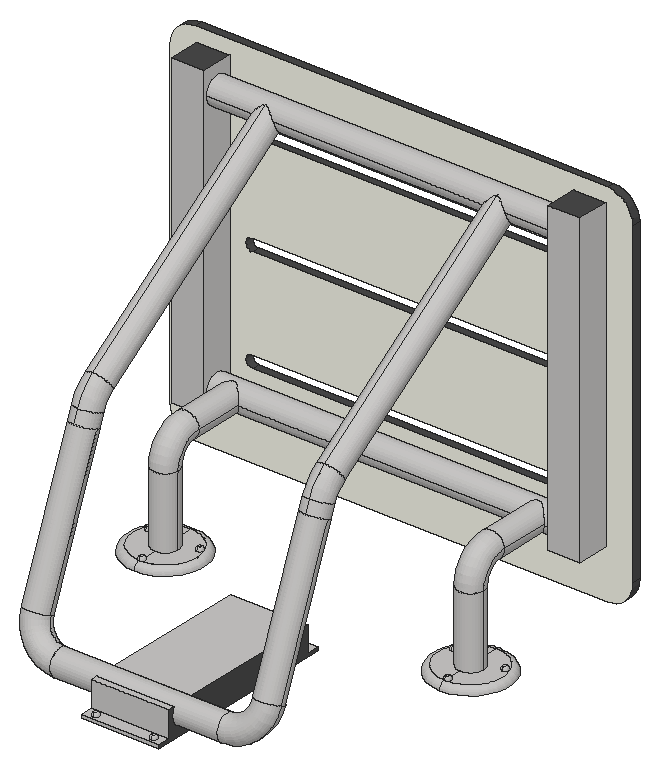
Revit family "Folding_Shower_Dressing_Area_Seat-Bobrick-B-5191", category Specialty Equipment, host Face, Revit 2019
Family settings
  Host = Face
  Round Connector Dimension = Use Diameter
  Part Type = Normal
  OmniClass Number = 23.45.05.14.11.17
  OmniClass Title = Shower/Bath Seats
  Cut with Voids When Loaded = No
  Shared = Yes
  Room Calculation Point = No
Parameters (values of type "B-5191")
  Width = 18"
  Warranty Documentation Link = "https://www.bobrick.com/wp-content/uploads/product_warranties-6.pdf"
  URL = "http://www.bobrick.com/"
  Type Comments = "To avoid potential seat malfunction, DO NOT use seat if weight exceeds 500 lbs (227 kg)"
  Support Load = "500 lbs., (227 kg)"  # constant formula
  Spring Material = Metal-Bobrick-Stainless Steel
  Seat Length = 14 7/16"
  Revised Date = "09/26/2022"  # constant formula
  Product Page URL = "https://www.bobrick.com/products/washroom-accessories/washroom-accessories-catalog/product/b-5191/"
  Product Documentation Link = "https://www.bobrick.com/wp-content/uploads/B-5191_td.pdf"
  Price = "Prices may vary. Please consult Manufacturer Representative for most up-to-date price list."  # constant formula
  Mounting Height Constraint = if(ADA, if(Mounting Height < 17", 17", if(Mounting Height > 19", 19", Mounting Height)), Mounting Height)  # 19"
  Mounting Height = 19"
  Mounting Flanges Material = Stainless Steel-Bobrick-Satin
  Model = "B-5191"
  Seat Material = Fused Plastic-Bobrick-Ivory Matte
  Material = "Fused Plastic-Bobrick-Ivory Matte"
  Manufacturer = "Bobrick"
  Length = 15 13/16"
  Installation Type = "Wall Mounted"
  Height = 13 3/4"
  Guide Bracket Material = Stainless Steel-Bobrick-Satin
  Frame Material = Stainless Steel-Bobrick-Satin
  Description = "Folding Shower Seat"
  Default Elevation = 0"
  Creation Date = "05/08/20"  # constant formula
  Baseplate Material = Metal-Bobrick-Stainless Steel
  Assembly Code = "C1030200"
  ADA Compliant = if(ADA, 1 > 0, 1 < 0)  # yes
  ADA = yes
Reference planes (in)
  plane 1 "Center (Front/Back)": y = 0
  plane 2: z = 0
  plane 3 "Center (Left/Right)": x = 0
  plane 4: z = 15.8125
  plane 5: x = -6.5625
  plane 6: x = 6.5625
  plane 7: x = 5.9375
  plane 8: x = -5.9375
  plane 9: y = -4.375
  plane 10: y = -13.75
  plane 11: y = -6.5
  plane 12: x = 1.125
  plane 13: x = -1.125
  plane 14: z = 1.375
  plane 15: y = -19
  plane 16: x = 9
  plane 17: y = -0.94013
  plane 18: x = -9
Forms (in)
  Extrusion 1, solid, material "Fused Plastic-Bobrick-Ivory Matte" <- "Seat Material"
    sketch origin (0, 0, 0) x (1, 0, 0) y (0, 0, 1)
      loop
        line (8, 15.8125) -> (-8, 15.8125)
        arc (-8, 15.8125) -> (-8.70711, 15.51961) -> (-9, 14.8125) r 1
        line (-9, 14.8125) -> (-9, 2.375)
        arc (-9, 2.375) -> (-8.70711, 1.66789) -> (-8, 1.375) r 1
        line (-8, 1.375) -> (8, 1.375)
        arc (8, 1.375) -> (8.70711, 1.66789) -> (9, 2.375) r 1
        line (9, 2.375) -> (9, 14.8125)
        arc (9, 14.8125) -> (8.70711, 15.51961) -> (8, 15.8125) r 1
      loop
        line (5.79542, 13.20791) -> (-5.79542, 13.20791)
        arc (-5.79542, 13.20791) -> (-6.04542, 12.95791) -> (-5.79542, 12.70791) r 0.25
        line (-5.79542, 12.70791) -> (5.79542, 12.70791)
        arc (5.79542, 12.70791) -> (6.04542, 12.95791) -> (5.79542, 13.20791) r 0.25
      loop
        line (5.79542, 9.20791) -> (-5.79542, 9.20791)
        arc (-5.79542, 9.20791) -> (-6.04542, 8.95791) -> (-5.79542, 8.70791) r 0.25
        line (-5.79542, 8.70791) -> (5.79542, 8.70791)
        arc (5.79542, 8.70791) -> (6.04542, 8.95791) -> (5.79542, 9.20791) r 0.25
      loop
        line (5.79542, 5.14541) -> (-5.79542, 5.14541)
        arc (-5.79542, 5.14541) -> (-6.04542, 4.89541) -> (-5.79542, 4.64541) r 0.25
        line (-5.79542, 4.64541) -> (5.79542, 4.64541)
        arc (5.79542, 4.64541) -> (6.04542, 4.89541) -> (5.79542, 5.14541) r 0.25
    from 0 to 0.3125
  Extrusion 2, solid, material "Stainless Steel-Bobrick-Satin" <- "Guide Bracket Material"
    sketch origin (0, 0.1875, 0.75) x (1, 0, 0) y (0, 1, 0)
      loop
        line (-6.6875, -0.5) -> (-7.9375, -0.5) -> (-7.9375, -1.75) -> (-6.6875, -1.75) -> (-6.6875, -0.5)
      loop
        line (6.6875, -0.5) -> (6.6875, -1.75) -> (7.9375, -1.75) -> (7.9375, -0.5) -> (6.6875, -0.5)
    from 2.51548 to 14.51548
  Revolve 3, solid, material "Stainless Steel-Bobrick-Satin" <- "Guide Bracket Material"
    sketch origin (-5.9375, 0, 0) x (0, 1, 0) y (0, 0, 1)
      loop
        line (-4.375, 0) -> (-2.875, 0)
        arc (-2.875, 0) -> (-2.94822, 0.17678) -> (-3.125, 0.25) r 0.25
        line (-3.125, 0.25) -> (-4.375, 0.25) -> (-4.375, 0)
      axis (-4.375, 0.25) -> (-4.375, 0)
    angle from 0 to 360
  Revolve 4, solid, material "Stainless Steel-Bobrick-Satin" <- "Guide Bracket Material"
    sketch origin (5.9375, 0, 0) x (0, 1, 0) y (0, 0, -1)
      loop
        line (-4.375, 0) -> (-4.375, -0.25) -> (-3.125, -0.25)
        arc (-3.125, -0.25) -> (-2.94822, -0.17678) -> (-2.875, 0) r 0.25
        line (-2.875, 0) -> (-4.375, 0)
      axis (-4.375, -0.25) -> (-4.375, 0)
    angle from 0 to 360
  Sweep 5, solid, material "Stainless Steel-Bobrick-Satin" <- "Guide Bracket Material"
    path origin (5.9375, 0, 0) x (0, 1, 0) y (0, 0, 1)
      loop
        line (-4.375, 0) -> (-4.375, 3)
        arc (-4.375, 3) -> (-4.08211, 3.70711) -> (-3.375, 4) r 1
        line (-3.375, 4) -> (-0.94013, 4)
    profile origin (5.9375, -4.375, 1.5) x (0, -1, 0) y (1, 0, 0)
      loop
        circle (0, 0) r 0.5
  Extrusion 6, solid, material "Stainless Steel-Bobrick-Satin" <- "Guide Bracket Material"
    sketch origin (0, 0.3125, 0) x (0, 1, 0) y (0, 0, 1)
      loop
        circle (-1.25263, 3.99038) r 0.5172
    from -7.9375 to 7.75
  Sweep 7, solid, material "Stainless Steel-Bobrick-Satin" <- "Guide Bracket Material"
    path origin (-5.9375, 0, 0) x (0, 1, 0) y (0, 0, -1)
      loop
        line (-4.375, 0) -> (-4.375, -3)
        arc (-4.375, -3) -> (-4.08211, -3.70711) -> (-3.375, -4) r 1
        line (-3.375, -4) -> (-0.94013, -4)
    profile origin (-5.9375, -4.375, 1.5) x (0, 1, 0) y (-1, 0, 0)
      loop
        circle (0, 0) r 0.5
  Sweep 8, solid, material "Stainless Steel-Bobrick-Satin" <- "Guide Bracket Material"
    path origin (0, 0.25, 0.1875) x (0, 1, 0) y (0, 0, 1)
      loop
        line (-1.19013, 14.16704) -> (-9.64596, 8.46351)
        arc (-9.64596, 8.46351) -> (-9.97289, 8.16393) -> (-10.19794, 7.78186) r 1.5
        line (-10.19794, 7.78186) -> (-10.39032, 7.3057)
    profile origin (0, -10.04413, 7.73128) x (0, 0.927184, -0.374607) y (1, 0, 0)
      loop
        circle (0, -4.5) r 0.5
  Extrusion 9, solid, material "Stainless Steel-Bobrick-Satin" <- "Guide Bracket Material"
    sketch origin (0, 0.3125, 18.32783) x (0, 1, 0) y (0, 0, 1)
      loop
        circle (-1.25263, -3.99038) r 0.5172
    from -7.9375 to 7.75
  Sweep 10, solid, material "Stainless Steel-Bobrick-Satin" <- "Guide Bracket Material"
    path origin (0, -6.39004, 16.77548) x (1, 0, 0) y (0, 0.374607, 0.927184)
      loop
        line (-4.5, -9.69876) -> (-4.5, -15.94876)
        arc (-4.5, -15.94876) -> (-4.13388, -16.83264) -> (-3.25, -17.19876) r 1.25
        line (-3.25, -17.19876) -> (3.25, -17.19876)
        arc (3.25, -17.19876) -> (4.13388, -16.83264) -> (4.5, -15.94876) r 1.25
        line (4.5, -15.94876) -> (4.5, -9.98356)
    profile origin (-4.5, -11.19391, 4.8855) x (1, 0, 0) y (0, -0.927184, 0.374607)
      loop
        circle (0, 0) r 0.5
  Extrusion 11, solid, material "Stainless Steel-Bobrick-Satin" <- "Guide Bracket Material"
    sketch origin (-1.5, 0.19528, 0) x (0, 1, 0) y (0, 0, 1)
      loop
        line (-6.44528, 0) -> (-6.44528, 0.125) -> (-6.94528, 0.125) -> (-6.94528, 1.125) -> (-13.69528, 1.125) -> (-13.69528, 0.125) -> (-14.19528, 0.125) -> (-14.19528, 0) -> (-6.44528, 0)
    from 0 to 3
  Sweep 12, solid, material "Stainless Steel-Bobrick-Satin" <- "Guide Bracket Material"
    path origin (0, 0.25, 0.1875) x (0, 1, 0) y (0, 0, -1)
      loop
        line (-1.19013, -14.16704) -> (-9.64596, -8.46351)
        arc (-9.64596, -8.46351) -> (-9.97289, -8.16393) -> (-10.19794, -7.78186) r 1.5
        line (-10.19794, -7.78186) -> (-10.39032, -7.3057)
    profile origin (0, -10.04413, 7.73128) x (0, -0.927184, 0.374607) y (-1, 0, 0)
      loop
        circle (0, -4.5) r 0.5
  Revolve 13, solid, material "Stainless Steel-Bobrick-Satin" <- "Guide Bracket Material"
    sketch origin (-1.125, 0, 0) x (0, 1, 0) y (0, 0, 1)
      loop
        line (-6.5, 0.125) -> (-6.375, 0.125)
        arc (-6.375, 0.125) -> (-6.38969, 0.18379) -> (-6.4303, 0.22876) r 0.125
        line (-6.4303, 0.22876) -> (-6.46682, 0.17439) -> (-6.5, 0.17439) -> (-6.5, 0.125)
      axis (-6.5, 0.22876) -> (-6.5, 0.125)
    angle from 0 to 360
  Revolve 14, solid, material "Stainless Steel-Bobrick-Satin" <- "Guide Bracket Material"
    sketch origin (1.125, 0, 0) x (0, 1, 0) y (0, 0, -1)
      loop
        line (-6.5, -0.125) -> (-6.5, -0.17439) -> (-6.46682, -0.17439) -> (-6.4303, -0.22876)
        arc (-6.4303, -0.22876) -> (-6.38969, -0.18379) -> (-6.375, -0.125) r 0.125
        line (-6.375, -0.125) -> (-6.5, -0.125)
      axis (-6.5, -0.22876) -> (-6.5, -0.125)
    angle from 0 to 360
  Revolve 15, solid, material "Stainless Steel-Bobrick-Satin" <- "Guide Bracket Material"
    sketch origin (-1.125, -20.25, 0) x (0, -1, 0) y (0, 0, -1)
      loop
        line (-6.5, -0.125) -> (-6.5, -0.17439) -> (-6.46682, -0.17439) -> (-6.4303, -0.22876)
        arc (-6.4303, -0.22876) -> (-6.38969, -0.18379) -> (-6.375, -0.125) r 0.125
        line (-6.375, -0.125) -> (-6.5, -0.125)
      axis (-6.5, -0.22876) -> (-6.5, -0.125)
    angle from 0 to 360
  Revolve 16, solid, material "Stainless Steel-Bobrick-Satin" <- "Guide Bracket Material"
    sketch origin (1.125, -20.25, 0) x (0, -1, 0) y (0, 0, 1)
      loop
        line (-6.5, 0.125) -> (-6.375, 0.125)
        arc (-6.375, 0.125) -> (-6.38969, 0.18379) -> (-6.4303, 0.22876) r 0.125
        line (-6.4303, 0.22876) -> (-6.46682, 0.17439) -> (-6.5, 0.17439) -> (-6.5, 0.125)
      axis (-6.5, 0.22876) -> (-6.5, 0.125)
    angle from 0 to 360
  Revolve 17, solid, material "Stainless Steel-Bobrick-Satin" <- "Guide Bracket Material"
    sketch origin (-5.9375, 1, 0.125) x (0, 1, 0) y (0, 0, 1)
      loop
        line (-6.5, 0.125) -> (-6.375, 0.125)
        arc (-6.375, 0.125) -> (-6.38969, 0.18379) -> (-6.4303, 0.22876) r 0.125
        line (-6.4303, 0.22876) -> (-6.46682, 0.17439) -> (-6.5, 0.17439) -> (-6.5, 0.125)
      axis (-6.5, 0.22876) -> (-6.5, 0.125)
    angle from 0 to 360
  Revolve 18, solid, material "Stainless Steel-Bobrick-Satin" <- "Guide Bracket Material"
    sketch origin (-6.93557, 2.55928, 0.125) x (0, 1, 0) y (0, 0, 1)
      loop
        line (-6.5, 0.125) -> (-6.375, 0.125)
        arc (-6.375, 0.125) -> (-6.38969, 0.18379) -> (-6.4303, 0.22876) r 0.125
        line (-6.4303, 0.22876) -> (-6.46682, 0.17439) -> (-6.5, 0.17439) -> (-6.5, 0.125)
      axis (-6.5, 0.22876) -> (-6.5, 0.125)
    angle from 0 to 360
  Revolve 19, solid, material "Stainless Steel-Bobrick-Satin" <- "Guide Bracket Material"
    sketch origin (-4.93943, 2.55928, 0.125) x (0, 1, 0) y (0, 0, -1)
      loop
        line (-6.5, -0.125) -> (-6.5, -0.17439) -> (-6.46682, -0.17439) -> (-6.4303, -0.22876)
        arc (-6.4303, -0.22876) -> (-6.38969, -0.18379) -> (-6.375, -0.125) r 0.125
        line (-6.375, -0.125) -> (-6.5, -0.125)
      axis (-6.5, -0.22876) -> (-6.5, -0.125)
    angle from 0 to 360
  Revolve 20, solid, material "Stainless Steel-Bobrick-Satin" <- "Guide Bracket Material"
    sketch origin (5.9375, 1, 0.125) x (0, 1, 0) y (0, 0, -1)
      loop
        line (-6.5, -0.125) -> (-6.5, -0.17439) -> (-6.46682, -0.17439) -> (-6.4303, -0.22876)
        arc (-6.4303, -0.22876) -> (-6.38969, -0.18379) -> (-6.375, -0.125) r 0.125
        line (-6.375, -0.125) -> (-6.5, -0.125)
      axis (-6.5, -0.22876) -> (-6.5, -0.125)
    angle from 0 to 360
  Revolve 21, solid, material "Stainless Steel-Bobrick-Satin" <- "Guide Bracket Material"
    sketch origin (6.93557, 2.55928, 0.125) x (0, 1, 0) y (0, 0, -1)
      loop
        line (-6.5, -0.125) -> (-6.5, -0.17439) -> (-6.46682, -0.17439) -> (-6.4303, -0.22876)
        arc (-6.4303, -0.22876) -> (-6.38969, -0.18379) -> (-6.375, -0.125) r 0.125
        line (-6.375, -0.125) -> (-6.5, -0.125)
      axis (-6.5, -0.22876) -> (-6.5, -0.125)
    angle from 0 to 360
  Revolve 22, solid, material "Stainless Steel-Bobrick-Satin" <- "Guide Bracket Material"
    sketch origin (4.93943, 2.55928, 0.125) x (0, 1, 0) y (0, 0, 1)
      loop
        line (-6.5, 0.125) -> (-6.375, 0.125)
        arc (-6.375, 0.125) -> (-6.38969, 0.18379) -> (-6.4303, 0.22876) r 0.125
        line (-6.4303, 0.22876) -> (-6.46682, 0.17439) -> (-6.5, 0.17439) -> (-6.5, 0.125)
      axis (-6.5, 0.22876) -> (-6.5, 0.125)
    angle from 0 to 360
  Revolve 23, solid, material "Fused Plastic-Bobrick-Ivory Matte" <- "Seat Material"
    sketch origin (1.87443, 0, 5.375) x (-1, 0, 0) y (0, -1, 0)
      loop
        line (9.1875, 0) -> (8.9375, 0)
        arc (8.9375, 0) -> (8.98695, -0.05216) -> (9.04701, -0.09164) r 0.3125
        line (9.04701, -0.09164) -> (9.11975, -0.03481) -> (9.1875, -0.03481) -> (9.1875, 0)
      axis (9.1875, -0.09164) -> (9.1875, 0)
    angle from 0 to 360
  Revolve 24, solid, material "Fused Plastic-Bobrick-Ivory Matte" <- "Seat Material"
    sketch origin (1.87443, 0, 13.15595) x (0, 1, 0) y (-1, 0, 0)
      loop
        line (0, 9.1875) -> (0, 8.9375)
        arc (0, 8.9375) -> (0.05216, 8.98695) -> (0.09164, 9.04701) r 0.3125
        line (0.09164, 9.04701) -> (0.03481, 9.11975) -> (0.03481, 9.1875) -> (0, 9.1875)
      axis (0.09164, 9.1875) -> (0, 9.1875)
    angle from 0 to 360
  Revolve 25, solid, material "Fused Plastic-Bobrick-Ivory Matte" <- "Seat Material"
    sketch origin (-1.87443, 0, 5.375) x (1, 0, 0) y (0, 1, 0)
      loop
        line (9.1875, 0) -> (9.1875, 0.03481) -> (9.11975, 0.03481) -> (9.04701, 0.09164)
        arc (9.04701, 0.09164) -> (8.98695, 0.05216) -> (8.9375, 0) r 0.3125
        line (8.9375, 0) -> (9.1875, 0)
      axis (9.1875, 0.09164) -> (9.1875, 0)
    angle from 0 to 360
  Revolve 26, solid, material "Fused Plastic-Bobrick-Ivory Matte" <- "Seat Material"
    sketch origin (-1.87443, 0, 13.15595) x (0, -1, 0) y (1, 0, 0)
      loop
        line (0, 9.1875) -> (-0.03481, 9.1875) -> (-0.03481, 9.11975) -> (-0.09164, 9.04701)
        arc (-0.09164, 9.04701) -> (-0.05216, 8.98695) -> (0, 8.9375) r 0.3125
        line (0, 8.9375) -> (0, 9.1875)
      axis (-0.09164, 9.1875) -> (0, 9.1875)
    angle from 0 to 360
Cuts and joins
  joined: Extrusion 2, Revolve 3, Revolve 4, Sweep 5, Extrusion 6, Sweep 7, Sweep 8, Extrusion 9, Sweep 10, Extrusion 11, Sweep 12, Revolve 13, Revolve 14, Revolve 15, Revolve 16, Revolve 17, Revolve 18, Revolve 19, Revolve 20, Revolve 21, Revolve 22
  joined: Extrusion 1, Revolve 23, Revolve 24
Lines and regions (in)
  Masking region 1
    outline origin (0, 0, 0) x (1, 0, 0) y (0, 0, 1)
      loop
        arc (-8, 15.8125) -> (-8.70711, 15.51961) -> (-9, 14.8125) r 1
        line (-9, 14.8125) -> (-9, 2.375)
        arc (-9, 2.375) -> (-8.70711, 1.66789) -> (-8, 1.375) r 1
        line (-8, 1.375) -> (-6.4375, 1.375) -> (-6.4375, 0.24964) -> (-6.8106, 0.24964)
        arc (-6.8106, 0.24964) -> (-6.93527, 0.37431) -> (-7.05995, 0.24964) r 0.12467
        line (-7.05995, 0.24964) -> (-7.18432, 0.24964)
        arc (-7.18432, 0.24964) -> (-7.36234, 0.17586) -> (-7.436, -0.00221) r 0.25168
        line (-7.436, -0.00221) -> (-4.43865, -0.00221)
        arc (-4.43865, -0.00221) -> (-4.51252, 0.17613) -> (-4.69086, 0.25) r 0.25221
        line (-4.69086, 0.25) -> (-4.81505, 0.25)
        arc (-4.81505, 0.25) -> (-4.93974, 0.37468) -> (-5.06442, 0.25) r 0.12468
        line (-5.06442, 0.25) -> (-5.4375, 0.25) -> (-5.4375, 1.375) -> (-4.87421, 1.375)
        arc (-4.87421, 1.375) -> (-4.22131, 0.60891) -> (-3.25589, 0.32405) r 1.76573
        line (-3.25589, 0.32405) -> (-1.5, 0.32405) -> (-1.5, 0) -> (1.5, 0) -> (1.5, 0.32371) -> (3.25819, 0.32371)
        arc (3.25819, 0.32371) -> (4.22181, 0.60973) -> (4.87334, 1.37516) r 1.76625
        line (4.87334, 1.37516) -> (5.4375, 1.37516) -> (5.4375, 0.24963) -> (5.0644, 0.24963)
        arc (5.0644, 0.24963) -> (4.93973, 0.37431) -> (4.81505, 0.24963) r 0.12467
        line (4.81505, 0.24963) -> (4.69072, 0.24963)
        arc (4.69072, 0.24963) -> (4.51267, 0.17588) -> (4.43892, -0.00217) r 0.2518
        line (4.43892, -0.00217) -> (7.43632, -0.00217)
        arc (7.43632, -0.00217) -> (7.36247, 0.17614) -> (7.18416, 0.25) r 0.25217
        line (7.18416, 0.25) -> (7.05995, 0.25)
        arc (7.05995, 0.25) -> (6.93527, 0.37468) -> (6.81058, 0.25) r 0.12468
        line (6.81058, 0.25) -> (6.4375, 0.25) -> (6.4375, 1.375) -> (8, 1.375)
        arc (8, 1.375) -> (8.70711, 1.66789) -> (9, 2.375) r 1
        line (9, 2.375) -> (9, 14.8125)
        arc (9, 14.8125) -> (8.70711, 15.51961) -> (8, 15.8125) r 1
        line (8, 15.8125) -> (-8, 15.8125)
      loop
        arc (-3.52338, 1.375) -> (-3.38237, 1.33925) -> (-3.23721, 1.32968) r 0.79846
        line (-3.23721, 1.32968) -> (3.23721, 1.32968)
        arc (3.23721, 1.32968) -> (3.38237, 1.33925) -> (3.52338, 1.375) r 0.79846
        line (3.52338, 1.375) -> (-3.52338, 1.375)
  symbolic lines, detail levels medium+fine
    curve 1: line (6.81058, 0, 0.25) -> (7.06057, 0, 0.25)
    curve 2: line (6.4375, 0, 0.25) -> (5.4375, 0, 0.25)
    curve 3: line (-4.96357, 0, 1.375) -> (-3.52338, 0, 1.375)
    curve 4: line (1.5, 0, 1.125) -> (1.5, 0, 0.03933)
    curve 5: line (1.5, 0, 0.125) -> (-1.5, 0, 0.125)
    curve 9: line (1.5, 0, 1.125) -> (-1.5, 0, 1.125)
    curve 10: line (-1.5, 0, 1.125) -> (-1.5, 0, 0.03933)
    curve 14: arc (5.79542, 0, 5.14541) -> (6.04542, 0, 4.89541) -> (5.79542, 0, 4.64541) r 0.25
    curve 15: line (-5.79542, 0, 5.14541) -> (5.79542, 0, 5.14541)
    curve 16: line (5.79542, 0, 4.64541) -> (-5.79542, 0, 4.64541)
    curve 17: arc (-5.79542, 0, 4.64541) -> (-6.04542, 0, 4.89541) -> (-5.79542, 0, 5.14541) r 0.25
    curve 18: arc (5.79542, 0, 9.20791) -> (6.04542, 0, 8.95791) -> (5.79542, 0, 8.70791) r 0.25
    curve 19: line (-5.79542, 0, 9.20791) -> (5.79542, 0, 9.20791)
    curve 20: line (5.79542, 0, 8.70791) -> (-5.79542, 0, 8.70791)
    curve 21: arc (-5.79542, 0, 8.70791) -> (-6.04542, 0, 8.95791) -> (-5.79542, 0, 9.20791) r 0.25
    curve 22: arc (-5.79542, 0, 12.70791) -> (-6.04542, 0, 12.95791) -> (-5.79542, 0, 13.20791) r 0.25
    curve 23: line (-5.79542, 0, 13.20791) -> (5.79542, 0, 13.20791)
    curve 24: line (5.79542, 0, 12.70791) -> (-5.79542, 0, 12.70791)
    curve 25: arc (5.79542, 0, 13.20791) -> (6.04542, 0, 12.95791) -> (5.79542, 0, 12.70791) r 0.25
    curve 38: line (4.81505, 0, 0.25) -> (5.06443, 0, 0.25)
    curve 39: line (-7.05988, 0, 0.25) -> (-6.18557, 0, 0.25)
    curve 40: line (-6.18557, 0, 0.25) -> (-4.8125, 0, 0.25)
    curve 45: line (6.4375, 0, 1.375) -> (5.4375, 0, 1.375)
    curve 46: line (-5.4375, 0, 1.375) -> (-6.4375, 0, 1.375)
    curve 47: arc (-6.05691, 0, 0.25) -> (-5.93191, 0, 0.375) -> (-5.80691, 0, 0.25) r 0.125
    curve 48: arc (6.05691, 0, 0.25) -> (5.93191, 0, 0.375) -> (5.80691, 0, 0.25) r 0.125
    curve 49: line (3.52338, 0, 1.375) -> (4.87327, 0, 1.375)
  symbolic lines, detail levels fine
    curve 6: line (1.0553, 0, 0.22876) -> (1.1947, 0, 0.22876)
    curve 7: arc (1.1947, 0, 0.22876) -> (1.23622, 0, 0.18356) -> (1.25461, 0, 0.125) r 0.14106
    curve 8: arc (1.0553, 0, 0.22876) -> (1.01378, 0, 0.18356) -> (0.99539, 0, 0.125) r 0.14106
    curve 11: line (-1.0553, 0, 0.22876) -> (-1.1947, 0, 0.22876)
    curve 12: arc (-1.1947, 0, 0.22876) -> (-1.23622, 0, 0.18356) -> (-1.25461, 0, 0.125) r 0.14106
    curve 13: arc (-1.0553, 0, 0.22876) -> (-1.01378, 0, 0.18356) -> (-0.99539, 0, 0.125) r 0.14106
    curve 26: line (4.99854, 0, 13.20791) -> (4.99854, 0, 12.70791)
    curve 27: line (3.99854, 0, 12.70791) -> (3.99854, 0, 13.20791)
    curve 28: line (4.99854, 0, 9.20791) -> (4.99854, 0, 8.70791)
    curve 29: line (3.99854, 0, 8.70791) -> (3.99854, 0, 9.20791)
    curve 30: line (4.99854, 0, 5.14541) -> (4.99854, 0, 4.64541)
    curve 31: line (3.99854, 0, 4.64541) -> (3.99854, 0, 5.14541)
    curve 32: line (-4.99331, 0, 13.20791) -> (-4.99331, 0, 12.70791)
    curve 33: line (-3.99777, 0, 12.70791) -> (-3.99777, 0, 13.20791)
    curve 34: line (-4.99331, 0, 9.20791) -> (-4.99331, 0, 8.70791)
    curve 35: line (-3.99777, 0, 8.70791) -> (-3.99777, 0, 9.20791)
    curve 36: line (-4.99331, 0, 5.14541) -> (-4.99331, 0, 4.64541)
    curve 37: line (-3.99777, 0, 4.64541) -> (-3.99777, 0, 5.14541)
    curve 41: circle (-7.31307, 0, 13.15595) r 0.25 normal (0, 1, 0)
    curve 42: circle (-7.31307, 0, 13.15595) r 0.14049 normal (0, -1, 0)
    curve 43: circle (-7.31307, 0, 5.375) r 0.25 normal (0, 1, 0)
    curve 44: circle (-7.31307, 0, 5.375) r 0.14049 normal (0, -1, 0)
    curve 50: circle (7.31307, 0, 13.15595) r 0.25 normal (0, -1, 0)
    curve 51: circle (7.31307, 0, 13.15595) r 0.14049 normal (0, 1, 0)
    curve 52: circle (7.31307, 0, 5.375) r 0.25 normal (0, -1, 0)
    curve 53: circle (7.31307, 0, 5.375) r 0.14049 normal (0, 1, 0)
Dimensions and locks (in)
  plane 1 "Center (Front/Back)" to plane 9 = 4 3/8"
  plane 9 to plane 10 = 9 3/8"
  plane 11 to plane 10 = 7 1/4"
  "Mounting Height Constraint": plane 15 to plane 1 "Center (Front/Back)"
  "Length": host face to plane 4
  "Height": plane 1 "Center (Front/Back)" to plane 10
  plane 1 "Center (Front/Back)" to plane 15 = 19"
  plane 4 to plane 14 = 14 7/16"
  plane 7 to plane 8 = 11 7/8"
  equal spacing: plane 7, plane 3 "Center (Left/Right)", plane 8
  plane 10 to plane 11 = 7 1/4"
  plane 10 to plane 9 = 9 3/8"
  plane 9 to plane 1 "Center (Front/Back)" = 4 3/8"
  "Seat Length": plane 4 to plane 14
  plane 16 to plane 3 "Center (Left/Right)" to plane 18 = 9", 9"
  plane 16 to plane 18 = 18"
  aligned and locked: plane 2 to host face
  aligned and locked: level to host face
Automatic sketch dimensions
  curve 41 to curve 42 = 0"  (x2)
  curve 43 to curve 44 = 0"  (x3)
  curve 50 to curve 51 = 0"  (x2)
  curve 52 to curve 53 = 0"  (x3)
  curve 46 to plane 14 = 0"
  curve 3 to plane 14 = 0"
  curve 49 to plane 14 = 0"
  curve 45 to plane 14 = 0"
  plane 7 to curve 53 = 1.37557"
  plane 7 to curve 50 = 1.37557"
  curve 48 to plane 7 = 0.00559"
  curve 25 to plane 7 = 0.14208"
  curve 15 to plane 7 = 0.14208"
  curve 18 to plane 7 = 0.14208"
  plane 12 to curve 9 = 3/8"
  plane 12 to curve 6 = 0.0697"
  plane 12 to curve 8 = 0.01094"
  curve 7 to plane 12 = 0.01094"
  curve 6 to plane 12 = 0.0697"
  curve 11 to plane 13 = 0.0697"
  curve 12 to plane 13 = 0.01094"
  plane 13 to curve 13 = 0.01094"
  plane 13 to curve 11 = 0.0697"
  plane 13 to curve 9 = 3/8"
  plane 8 to curve 15 = 0.14208"
  plane 8 to curve 19 = 0.14208"
  plane 8 to curve 22 = 0.14208"
  plane 8 to curve 47 = 0.00559"
  curve 39 to plane 8 = 0.24807"
  curve 43 to plane 8 = 1.37557"
  curve 42 to plane 8 = 1.37557"
  curve 10 to plane 14 = 1/4"
  level to curve 40 = 1/4"
  level to curve 48 = 1/4"
  level to curve 11 = 0.22876"
  level to curve 6 = 0.22876"
  level to curve 7 = 0.11303"
  curve 8 to curve 7 = 0"
  level to curve 13 = 0.11303"
  curve 12 to curve 13 = 0"
  curve 14 to curve 14 = 1/4"
  curve 20 to curve 18 = 1/4"
  curve 24 to plane 4 = 3.10459"
  curve 22 to curve 22 = 1/4"
  curve 51 to curve 25 = 0.05196"
  curve 42 to curve 22 = 0.05196"
  level to curve 1 = 1/4"
  plane 7 to curve 1 = 1.12307"
  curve 1 to curve 1 = 1/4"
  plane 7 to curve 45 = 1/2"
  curve 2 to curve 1 = 0.37308"
  plane 7 to curve 48 = 0.11941"
  curve 2 to curve 48 = 0.36941"
  curve 45 to plane 7 = 1/2"
  curve 38 to curve 2 = 0.37307"
  curve 28 to curve 20 = 51/64"
  curve 30 to curve 16 = 51/64"
  curve 26 to curve 23 = 51/64"
  curve 49 to curve 45 = 0.56423"
  curve 38 to curve 38 = 0.24937"
  curve 27 to curve 26 = 1"
  curve 31 to curve 30 = 1"
  curve 29 to curve 28 = 1"
  curve 49 to curve 49 = 1.34989"
  curve 8 to curve 7 = 0.11867"
  curve 3 to curve 9 = 2.02338"
  curve 16 to curve 37 = 1.79765"
  curve 23 to curve 33 = 1.79765"
  curve 19 to curve 35 = 1.79765"
  curve 47 to curve 40 = 1.11941"
  plane 8 to curve 3 = 0.97393"
  curve 22 to curve 32 = 0.80211"
  curve 17 to curve 36 = 0.80211"
  curve 19 to curve 34 = 0.80211"
  curve 46 to curve 3 = 0.47393"
  curve 47 to curve 47 = 1/8"
  curve 46 to plane 8 = 1/2"
  curve 39 to curve 39 = 0.87431"
  level to curve 38 = 1/4"
  level to curve 10 = 0.03933"
  level to curve 4 = 0.03933"
  host sketch curve to host sketch curve = 96"  (x2)
  Extrusion 1 sketch curve to plane 4 = 0"
  Extrusion 1 sketch curve to plane 14 = 0"
  plane 8 to Extrusion 1 sketch curve = 0.14208"  (x3)
  Extrusion 1 sketch curve to plane 7 = 0.14208"  (x3)
  plane 16 to Extrusion 1 sketch curve = 1"  (x2)
  Extrusion 1 sketch curve to Extrusion 1 sketch curve = 1/4"  (x3)
  Extrusion 1 sketch curve to plane 4 = 3.10459"
  Revolve 3 sketch curve to level = 0"
  Revolve 3 sketch curve to plane 9 = 0"  (x2)
  level to Revolve 3 sketch curve = 1/4"
  Revolve 3 sketch curve to Revolve 3 sketch curve = 1 1/4"
  Revolve 3 sketch curve to plane 14 = 0.26384"
  plane 14 to Revolve 3 sketch curve = 0.17993"
  Revolve 4 sketch curve to level = 0"
  Revolve 4 sketch curve to plane 9 = 0"  (x2)
  level to Revolve 4 sketch curve = 1/4"
  Revolve 4 sketch curve to Revolve 4 sketch curve = 1 1/4"
  Revolve 4 sketch curve to plane 14 = 0.26384"
  plane 14 to Revolve 4 sketch curve = 0.17993"
  Sweep 5 sketch curve to plane 9 = 0"
  Sweep 5 sketch curve to plane 17 = 0"
  Sweep 5 sketch curve to level = 0"
  Sweep 5 sketch curve to plane 9 = 1"
  plane 14 to Sweep 5 sketch curve = 1 5/8"
  Sweep 5 sketch curve to profile plane = 0"  (x2)
  Extrusion 6 sketch curve to plane 17 = 0"
  Sweep 7 sketch curve to plane 9 = 0"
  Sweep 7 sketch curve to plane 17 = 0"
  Sweep 7 sketch curve to level = 0"
  Sweep 7 sketch curve to plane 9 = 1"
  plane 14 to Sweep 7 sketch curve = 1 5/8"
  profile plane to Sweep 7 sketch curve = 0"
  Sweep 7 sketch curve to profile plane = 0"
  Sweep 8 sketch curve to plane 17 = 0"
  Sweep 8 sketch curve to plane 11 = 2.05717"
  Sweep 8 sketch curve to Sweep 8 sketch curve = 0.83879"
  Sweep 8 sketch curve to Sweep 8 sketch curve = 0.55199"
  Sweep 8 sketch curve to Sweep 8 sketch curve = 0.56191"
  Sweep 8 sketch curve to Sweep 8 sketch curve = 0.19238"
  Sweep 8 sketch curve to Sweep 8 sketch curve = 0.47616"
  Sweep 8 sketch curve to plane 4 = 1.45796"
  Sweep 8 sketch curve to profile plane = 0"
  Sweep 8 sketch curve to plane 3 "Center (Left/Right)" = 4 1/2"
  Extrusion 9 sketch curve to plane 17 = 0"
  plane 4 to Extrusion 9 sketch curve = 1.47506"
  plane 8 to Sweep 10 sketch curve = 1 7/16"
  Sweep 10 sketch curve to Sweep 10 sketch curve = 1 1/4"  (x2)
  plane 12 to Sweep 10 sketch curve = 2 1/8"
  Sweep 10 sketch curve to Sweep 10 sketch curve = 5.9652"
  Sweep 10 sketch curve to Sweep 10 sketch curve = 6 1/4"
  Sweep 10 sketch curve to profile plane = 0"  (x2)
  Extrusion 11 sketch curve to level = 0"
  plane 10 to Extrusion 11 sketch curve = 1/4"
  Extrusion 11 sketch curve to plane 10 = 1/4"
  level to Extrusion 11 sketch curve = 1/8"  (x2)
  Extrusion 11 sketch curve to plane 11 = 1/4"
  plane 11 to Extrusion 11 sketch curve = 1/4"
  Extrusion 11 sketch curve to plane 14 = 1/4"
  Sweep 12 sketch curve to plane 17 = 0"
  Sweep 12 sketch curve to plane 11 = 2.05717"
  Sweep 12 sketch curve to Sweep 12 sketch curve = 0.83879"
  Sweep 12 sketch curve to Sweep 12 sketch curve = 0.55199"
  Sweep 12 sketch curve to Sweep 12 sketch curve = 0.68165"
  Sweep 12 sketch curve to Sweep 12 sketch curve = 0.19238"
  Sweep 12 sketch curve to plane 4 = 1.45796"
  Sweep 12 sketch curve to Sweep 12 sketch curve = 0.47616"
  profile plane to Sweep 12 sketch curve = 0"
  Sweep 12 sketch curve to profile plane = 4 1/2"
  Revolve 13 sketch curve to plane 11 = 0"  (x3)
  Revolve 13 sketch curve to Revolve 13 sketch curve = 0.03318"
  Revolve 13 sketch curve to Revolve 13 sketch curve = 0.03653"
  Revolve 13 sketch curve to Revolve 13 sketch curve = 0.09182"
  level to Revolve 13 sketch curve = 1/8"
  Revolve 13 sketch curve to Revolve 13 sketch curve = 0.04939"
  Revolve 13 sketch curve to Revolve 13 sketch curve = 0.20059"
  Revolve 13 sketch curve to Revolve 13 sketch curve = 0.16047"
  Revolve 14 sketch curve to plane 11 = 0"  (x3)
  Revolve 14 sketch curve to Revolve 14 sketch curve = 0.03318"
  Revolve 14 sketch curve to Revolve 14 sketch curve = 0.03653"
  Revolve 14 sketch curve to Revolve 14 sketch curve = 0.09182"
  level to Revolve 14 sketch curve = 0.22876"
  Revolve 14 sketch curve to Revolve 14 sketch curve = 0.04939"
  Revolve 14 sketch curve to Revolve 14 sketch curve = 0.20059"
  Revolve 14 sketch curve to Revolve 14 sketch curve = 0.16047"
  Revolve 15 sketch curve to plane 10 = 0"  (x3)
  Revolve 15 sketch curve to Revolve 15 sketch curve = 0.03318"
  Revolve 15 sketch curve to Revolve 15 sketch curve = 0.03653"
  Revolve 15 sketch curve to Revolve 15 sketch curve = 0.09182"
  level to Revolve 15 sketch curve = 0.22876"
  Revolve 15 sketch curve to Revolve 15 sketch curve = 0.04939"
  Revolve 15 sketch curve to Revolve 15 sketch curve = 0.20059"
  Revolve 15 sketch curve to Revolve 15 sketch curve = 0.16047"
  Revolve 16 sketch curve to plane 10 = 0"  (x3)
  Revolve 16 sketch curve to Revolve 16 sketch curve = 0.03318"
  Revolve 16 sketch curve to Revolve 16 sketch curve = 0.03653"
  Revolve 16 sketch curve to Revolve 16 sketch curve = 0.09182"
  level to Revolve 16 sketch curve = 1/8"
  Revolve 16 sketch curve to Revolve 16 sketch curve = 0.04939"
  Revolve 16 sketch curve to Revolve 16 sketch curve = 0.20059"
  Revolve 16 sketch curve to Revolve 16 sketch curve = 0.16047"
  level to Revolve 17 sketch curve = 1/4"
  plane 11 to Revolve 17 sketch curve = 1"
  Revolve 17 sketch curve to Revolve 17 sketch curve = 0"
  Revolve 17 sketch curve to Revolve 17 sketch curve = 0.03318"
  level to Revolve 17 sketch curve = 0.35376"
  Revolve 17 sketch curve to Revolve 17 sketch curve = 0.03653"
  Revolve 17 sketch curve to Revolve 17 sketch curve = 0.04939"
  Revolve 17 sketch curve to Revolve 17 sketch curve = 0.0697"
  Revolve 17 sketch curve to Revolve 17 sketch curve = 0.20059"
  Revolve 17 sketch curve to Revolve 17 sketch curve = 0.16047"
  level to Revolve 18 sketch curve = 1/4"
  Revolve 18 sketch curve to plane 9 = 0.43428"
  Revolve 18 sketch curve to Revolve 18 sketch curve = 0"
  Revolve 18 sketch curve to Revolve 18 sketch curve = 0.03318"
  Revolve 18 sketch curve to Revolve 18 sketch curve = 0.03653"
  Revolve 18 sketch curve to Revolve 18 sketch curve = 0.09182"
  Revolve 18 sketch curve to Revolve 18 sketch curve = 0.04939"
  Revolve 18 sketch curve to Revolve 18 sketch curve = 0.0697"
  Revolve 18 sketch curve to Revolve 18 sketch curve = 0.20059"
  Revolve 18 sketch curve to Revolve 18 sketch curve = 0.16047"
  level to Revolve 19 sketch curve = 1/4"
  Revolve 19 sketch curve to plane 9 = 0.43428"
  Revolve 19 sketch curve to Revolve 19 sketch curve = 0"
  Revolve 19 sketch curve to Revolve 19 sketch curve = 0.03318"
  Revolve 19 sketch curve to Revolve 19 sketch curve = 0.03653"
  Revolve 19 sketch curve to Revolve 19 sketch curve = 0.09182"
  Revolve 19 sketch curve to Revolve 19 sketch curve = 0.04939"
  Revolve 19 sketch curve to Revolve 19 sketch curve = 0.0697"
  Revolve 19 sketch curve to Revolve 19 sketch curve = 0.20059"
  Revolve 19 sketch curve to Revolve 19 sketch curve = 0.16047"
  level to Revolve 20 sketch curve = 1/4"
  plane 11 to Revolve 20 sketch curve = 1"
  Revolve 20 sketch curve to Revolve 20 sketch curve = 0"
  Revolve 20 sketch curve to Revolve 20 sketch curve = 0.03318"
  level to Revolve 20 sketch curve = 0.35376"
  Revolve 20 sketch curve to Revolve 20 sketch curve = 0.03653"
  Revolve 20 sketch curve to Revolve 20 sketch curve = 0.04939"
  Revolve 20 sketch curve to Revolve 20 sketch curve = 0.0697"
  Revolve 20 sketch curve to Revolve 20 sketch curve = 0.20059"
  Revolve 20 sketch curve to Revolve 20 sketch curve = 0.16047"
  level to Revolve 21 sketch curve = 1/4"
  Revolve 21 sketch curve to plane 9 = 0.43428"
  Revolve 21 sketch curve to Revolve 21 sketch curve = 0"
  Revolve 21 sketch curve to Revolve 21 sketch curve = 0.03318"
  Revolve 21 sketch curve to Revolve 21 sketch curve = 0.03653"
  Revolve 21 sketch curve to Revolve 21 sketch curve = 0.09182"
  Revolve 21 sketch curve to Revolve 21 sketch curve = 0.04939"
  Revolve 21 sketch curve to Revolve 21 sketch curve = 0.0697"
  Revolve 21 sketch curve to Revolve 21 sketch curve = 0.20059"
  Revolve 21 sketch curve to Revolve 21 sketch curve = 0.16047"
  level to Revolve 22 sketch curve = 1/4"
  Revolve 22 sketch curve to plane 9 = 0.43428"
  Revolve 22 sketch curve to Revolve 22 sketch curve = 0"
  Revolve 22 sketch curve to Revolve 22 sketch curve = 0.03318"
  Revolve 22 sketch curve to Revolve 22 sketch curve = 0.03653"
  Revolve 22 sketch curve to Revolve 22 sketch curve = 0.09182"
  Revolve 22 sketch curve to Revolve 22 sketch curve = 0.04939"
  Revolve 22 sketch curve to Revolve 22 sketch curve = 0.0697"
  Revolve 22 sketch curve to Revolve 22 sketch curve = 0.20059"
  Revolve 22 sketch curve to Revolve 22 sketch curve = 0.16047"
  plane 1 "Center (Front/Back)" to Revolve 23 sketch curve = 0"
  Revolve 23 sketch curve to plane 8 = 1.12557"
  Revolve 23 sketch curve to plane 1 "Center (Front/Back)" = 0.09164"
  Revolve 23 sketch curve to Revolve 23 sketch curve = 0.10951"
  Revolve 23 sketch curve to plane 1 "Center (Front/Back)" = 0.03481"
  Revolve 23 sketch curve to Revolve 23 sketch curve = 0.07274"
  Revolve 23 sketch curve to Revolve 23 sketch curve = 0.06775"
  plane 1 "Center (Front/Back)" to Revolve 23 sketch curve = 3/16"
  Revolve 23 sketch curve to Revolve 23 sketch curve = 0"
  Revolve 23 sketch curve to Revolve 23 sketch curve = 0.07387"
  Revolve 23 sketch curve to Revolve 23 sketch curve = 0.04349"
  plane 1 "Center (Front/Back)" to Revolve 24 sketch curve = 0"
  Revolve 24 sketch curve to Revolve 24 sketch curve = 3/16"
  Revolve 24 sketch curve to plane 1 "Center (Front/Back)" = 0.03481"
  Revolve 24 sketch curve to plane 1 "Center (Front/Back)" = 0.09164"
  Revolve 24 sketch curve to plane 8 = 1.12557"
  Revolve 24 sketch curve to Revolve 24 sketch curve = 0.10951"
  Revolve 24 sketch curve to Revolve 24 sketch curve = 0.07274"
  Revolve 24 sketch curve to Revolve 24 sketch curve = 0.06775"
  Revolve 24 sketch curve to Revolve 24 sketch curve = 0.07387"
  Revolve 24 sketch curve to Revolve 24 sketch curve = 0.04349"
  Revolve 24 sketch curve to Revolve 24 sketch curve = 0"
  Masking region 1 sketch curve to plane 18 = 0"
  Masking region 1 sketch curve to plane 4 = 0"
  Masking region 1 sketch curve to plane 14 = 0"  (x4)
  Masking region 1 sketch curve to level = 0"
  plane 16 to Masking region 1 sketch curve = 0"
  Masking region 1 sketch curve to plane 4 = 1"
  Masking region 1 sketch curve to Masking region 1 sketch curve = 1"
  Masking region 1 sketch curve to level = 0.00221"
  Masking region 1 sketch curve to Masking region 1 sketch curve = 0.564"
  Masking region 1 sketch curve to Masking region 1 sketch curve = 0.25168"
  Masking region 1 sketch curve to Masking region 1 sketch curve = 0.12437"
  Masking region 1 sketch curve to Masking region 1 sketch curve = 0.12467"  (x2)
  Masking region 1 sketch curve to Masking region 1 sketch curve = 0.3731"  (x2)
  plane 8 to Masking region 1 sketch curve = 1/2"
  Masking region 1 sketch curve to Masking region 1 sketch curve = 0.37308"  (x2)
  Masking region 1 sketch curve to Masking region 1 sketch curve = 0.12468"  (x2)
  Masking region 1 sketch curve to Masking region 1 sketch curve = 0.56329"
  Masking region 1 sketch curve to Masking region 1 sketch curve = 0.1242"
  Masking region 1 sketch curve to Masking region 1 sketch curve = 0.25221"
  Masking region 1 sketch curve to Masking region 1 sketch curve = 1.35083"
  Masking region 1 sketch curve to Masking region 1 sketch curve = 0.26376"
  Masking region 1 sketch curve to Masking region 1 sketch curve = 0.00216"
  Masking region 1 sketch curve to Masking region 1 sketch curve = 0.26749"
  Masking region 1 sketch curve to plane 14 = 0.04532"
  Masking region 1 sketch curve to Masking region 1 sketch curve = 0.28617"  (x2)
  plane 13 to Masking region 1 sketch curve = 3/8"
  plane 12 to Masking region 1 sketch curve = 3/8"
  Masking region 1 sketch curve to Masking region 1 sketch curve = 1.73721"
  Masking region 1 sketch curve to Masking region 1 sketch curve = 0.02025"
  Masking region 1 sketch curve to Masking region 1 sketch curve = 0.00073"
  Masking region 1 sketch curve to level = 0.00217"
  Masking region 1 sketch curve to Masking region 1 sketch curve = 1.18073"
  Masking region 1 sketch curve to Masking region 1 sketch curve = 0.2518"
  Masking region 1 sketch curve to Masking region 1 sketch curve = 0.12433"
  plane 14 to Masking region 1 sketch curve = 0.00016"
  Masking region 1 sketch curve to plane 7 = 1.06416"
  plane 7 to Masking region 1 sketch curve = 1/2"
  Masking region 1 sketch curve to Masking region 1 sketch curve = 0.12421"
  Masking region 1 sketch curve to Masking region 1 sketch curve = 0.25217"
  plane 16 to Masking region 1 sketch curve = 1"
  plane 14 to Masking region 1 sketch curve = 1"
  Masking region 1 sketch curve to level = 0.00204"
  Masking region 1 sketch curve to Masking region 1 sketch curve = 0.32371"
  level to Masking region 1 sketch curve = 0.32405"
  plane 1 "Center (Front/Back)" to Revolve 25 sketch curve = 0"
  plane 7 to Revolve 25 sketch curve = 1.12557"
  Revolve 25 sketch curve to plane 1 "Center (Front/Back)" = 0.09164"
  Revolve 25 sketch curve to Revolve 25 sketch curve = 0.10951"
  Revolve 25 sketch curve to plane 1 "Center (Front/Back)" = 0.03481"
  Revolve 25 sketch curve to Revolve 25 sketch curve = 0.07274"
  Revolve 25 sketch curve to Revolve 25 sketch curve = 0.06775"
  Revolve 25 sketch curve to Revolve 25 sketch curve = 0"  (x2)
  Revolve 25 sketch curve to Revolve 25 sketch curve = 0.07387"
  Revolve 25 sketch curve to Revolve 25 sketch curve = 0.04349"
  plane 1 "Center (Front/Back)" to Revolve 26 sketch curve = 0"
  Revolve 26 sketch curve to Revolve 26 sketch curve = 0.03481"
  Revolve 26 sketch curve to plane 1 "Center (Front/Back)" = 0.09164"
  plane 1 "Center (Front/Back)" to Revolve 26 sketch curve = 3/16"
  plane 7 to Revolve 26 sketch curve = 1.12557"
  Revolve 26 sketch curve to Revolve 26 sketch curve = 0.10951"
  Revolve 26 sketch curve to Revolve 26 sketch curve = 0.07274"
  Revolve 26 sketch curve to Revolve 26 sketch curve = 0.06775"
  Revolve 26 sketch curve to Revolve 26 sketch curve = 0.07387"
  Revolve 26 sketch curve to Revolve 26 sketch curve = 0.04349"
  Revolve 26 sketch curve to Revolve 26 sketch curve = 0"
  Extrusion 1 sketch curve to plane 18 = 0"
  plane 18 to Extrusion 1 sketch curve = 1"  (x2)
  plane 16 to Extrusion 1 sketch curve = 0"
  plane 1 "Center (Front/Back)" to Extrusion 2 sketch curve = 5/16"  (x2)
  plane 18 to Extrusion 2 sketch curve = 1 1/16"
  Extrusion 2 sketch curve to plane 8 = 3/4"
  plane 7 to Extrusion 2 sketch curve = 3/4"
  plane 16 to Extrusion 2 sketch curve = 1 1/16"
  Extrusion 2 sketch curve to plane 17 = 0.62237"  (x2)
  plane 14 to curve 16 = 3.27041"
  curve 17 to curve 44 = 0.22959"
  curve 14 to curve 53 = 0.22959"
  curve 17 to curve 20 = 3 9/16"
  Extrusion 1 sketch curve to Extrusion 1 sketch curve = 2.27041"
  Extrusion 1 sketch curve to Extrusion 1 sketch curve = 3 9/16"
  plane 14 to Extrusion 6 sketch curve = 2.61538"
  Sweep 8 sketch curve to plane 4 = 7.16149"
  Sweep 12 sketch curve to plane 4 = 7.16149"
  radius of curve 41 = 1/4"
  radius of curve 42 = 0.14049"
  radius of curve 43 = 1/4"
  radius of curve 44 = 0.14049"
  radius of curve 50 = 1/4"
  radius of curve 51 = 0.14049"
  radius of curve 52 = 1/4"
  radius of curve 53 = 0.14049"
  radius of Sweep 5 sketch curve = 1/2"
  radius of Extrusion 6 sketch curve = 0.5172"
  radius of Sweep 7 sketch curve = 1/2"
  radius of Sweep 8 sketch curve = 1/2"
  radius of Extrusion 9 sketch curve = 0.5172"
  radius of Sweep 10 sketch curve = 1/2"
  radius of Sweep 12 sketch curve = 1/2"
